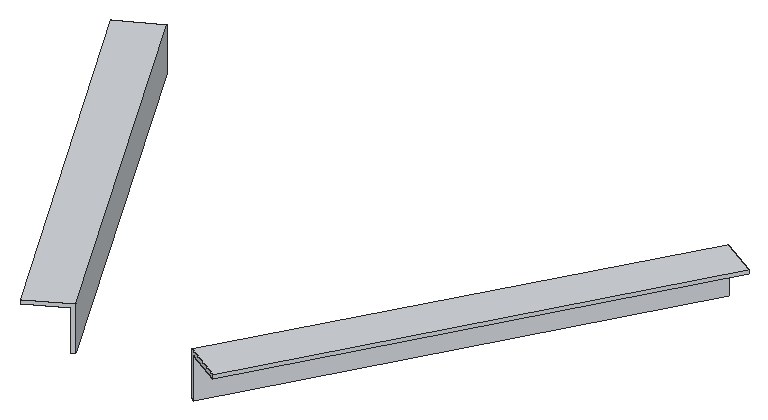
Revit family
Parameters (values of type "DWSUBRC")
  SPACING = 16 217/256"  # constant formula
  OFFSET = 5 145/256"  # constant formula
  Model = ""
  Manufacturer = "CaptiveAire"
  Description = ""
  DUCTINSIDERAD+OFFSET [instance] = DUCTINSIDERAD + OFFSET  # 9 145/256"
  DUCTINSIDERAD [instance] = 4"
  Assembly Code = ""
Reference planes (in)
  plane 1 "Center (Front/Back)": y = 0.22474
  plane 2: z = 0
  plane 3: x = -2.61935
  plane 4: y = 17.0724
  plane 5: x = 6.94706
  plane 6: x = -12.18576
  plane 7: y = 18.0724
Forms (in)
  Sweep 1, solid
    path in 3D
      loop
        line (-12.18576, 17.0724, 0) -> (-4.59443, 3.70311, 0)
    profile origin (-8.3901, 10.38776, 0) x (0.869592, 0.49377, 0) y (0, 0, 1)
      loop
        line (-1.5, 0) -> (-1.5, -0.125) -> (-0.125, -0.125) -> (-0.125, -1.5) -> (0, -1.5) -> (0, 0) -> (-1.5, 0)
  Sweep 2, solid
    path in 3D
      loop
        line (6.94706, 17.0724, 0) -> (-0.64427, 3.70311, 0)
    profile origin (3.15139, 10.38776, 0) x (0.869592, -0.49377, 0) y (0, 0, 1)
      loop
        line (0, -1.5) -> (0.125, -1.5) -> (0.125, -0.125) -> (1.5, -0.125) -> (1.5, 0) -> (0, 0) -> (0, -1.5)
Lines and regions (in)
  model lines
    curve 1: circle (-2.61935, 0.22474, 0) r 4 normal (0, 0, 1)
    curve 2: line (-12.18576, 17.0724, 0) -> (-2.61935, 0.22474, 0)
    curve 3: line (-12.18576, 17.0724, 0) -> (-4.59443, 3.70311, 0)
    curve 4: line (6.94706, 17.0724, 0) -> (-2.61935, 0.22474, 0)
    curve 5: line (6.94706, 17.0724, 0) -> (-0.64427, 3.70311, 0)
  sketch lines
    curve 6: line (-12.18576, 17.0724, 0) -> (-4.59443, 3.70311, 0)
    curve 7: line (6.94706, 17.0724, 0) -> (-0.64427, 3.70311, 0)
Dimensions and locks (in)
  "DUCTINSIDERAD+OFFSET": plane 6 to plane 3
  "DUCTINSIDERAD+OFFSET": plane 3 to plane 5
  "SPACING": plane 1 "Center (Front/Back)" to plane 4
  locked: plane 7 to plane 4 at 1
  locked: Sweep 1 sketch curve to profile plane at 1.5
  locked: profile plane to Sweep 1 sketch curve at 1.5
  locked: profile plane to Sweep 1 sketch curve at 0.125
  locked: Sweep 1 sketch curve to profile plane at 0.125
  locked: profile plane to Sweep 2 sketch curve at 0.125
  locked: profile plane to Sweep 2 sketch curve at 1.5
  "DUCTINSIDERAD": radius of curve 1
  aligned and locked: plane 4 to curve 3
  aligned and locked: plane 6 to curve 3
  aligned and locked: plane 1 "Center (Front/Back)" to curve 4
  aligned and locked: plane 3 to curve 4
  aligned and locked: plane 5 to curve 5
  aligned and locked: plane 4 to curve 5
  aligned and locked: curve 5 to curve 4
  aligned and locked: Sweep 2 sketch curve to Sweep 1  (x2)
  aligned and locked: curve 1 to Sweep 2 sketch curve
  aligned: Sweep 1 to curve 2
  aligned and locked: curve 3 to curve 4
Automatic sketch dimensions
  plane 1 "Center (Front/Back)" to curve 1 = 0"
  curve 1 to plane 3 = 0"
  curve 4 to plane 4 = 0"
  Sweep 1 sketch curve to profile plane = 0"  (x2)
  Sweep 2 sketch curve to profile plane = 0"
